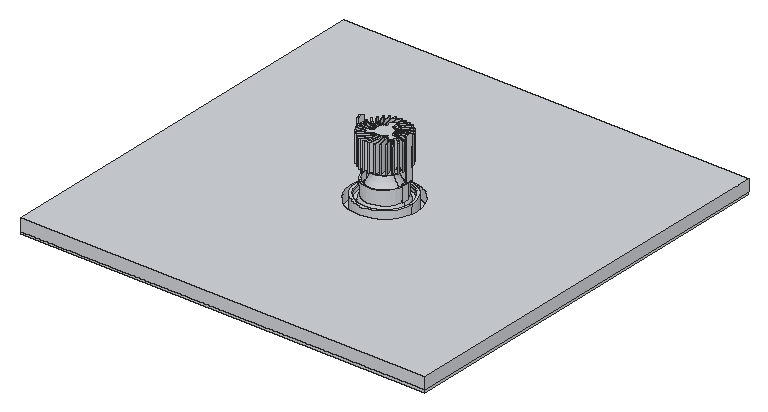
Revit family "Trimless-Quad-X86", category Lighting Fixtures, Revit 2014
Parameters (values of type "Trimless Ambiance X80")
  Wattage Comments = "19.5"
  Wattage = 8.3 W
  built-in parameter 1150110 = 1 (stored number, unit not read)
  Type Comments = "Recessed"
  Type = "Recessed Downlighter"
  built-in parameter 1114217 = 1 (stored number, unit not read)
  Tilt Angle = 90.00°
  built-in parameter 1150109 = 1 (stored number, unit not read)
  built-in parameter 1150134 = (empty or 0)
  built-in parameter 1150113 = 1 (stored number, unit not read)
  Photometric Web File = "G2064.ies"
  Dimension (mm) = "80"
  Model = "Trimless Ambiance X80"
  Manufacturer = "Designed Architectural Lighting"
  Luminous flux of luminaire (lm) = "Up to 2000 lumens"
  Lumens = 1049.95 lm
  built-in parameter 1150115 = 1 (stored number, unit not read)
  built-in parameter 1150105 = 83.552 (stored number, unit not read)
  built-in parameter 1150137 = (empty or 0)
  built-in parameter 1150139 = (empty or 0)
  built-in parameter 1150112 = 1 (stored number, unit not read)
  built-in parameter 1150114 = 1 (stored number, unit not read)
  Lamp = "LED"
  built-in parameter 1150132 = (empty or 0)
  built-in parameter 1150102 = (empty or 0)
  built-in parameter 1150138 = (empty or 0)
  built-in parameter 1150107 = 3000 (stored number, unit not read)
  built-in parameter 1150106 = 0.83552 (stored number, unit not read)
  Height (mm) = "122"
  built-in parameter 1150104 = 11.752 (stored number, unit not read)
  Dimming Lamp Color Temperature Shift = <None>
  Description = "Recessed LED Round downlighter"
  Cut Out (mm) = "100"
  Colour temperature (K) = "2700 / 3000 / 4000"
  Color Filter = 16777215
  CRI = "80"
  built-in parameter 1114218 = 1 (stored number, unit not read)
  built-in parameter 1150133 = 10 (stored number, unit not read)
  Apparent Load = 19.5 VA
  Aperture (mm) = "80"
Reference planes
  plane 1 "Light Source Axis (F/B)": y = 0
  plane 2: z = 0
  plane 3 "Light Source Axis (L/R)": x = 0
  plane 4 "Light Source Elevation": z = 0
Forms (mm)
  Extrusion 1, solid
    sketch origin (77.864, 0.393, 0) x (1, 0, 0) y (0, 1, 0)
      loop
        line (-42.842, 3.973) -> (-42.842, -5.043) -> (-40.957, -5.043) -> (-40.957, 3.973) -> (-42.842, 3.973)
    from 55.694 to 119.81
  Extrusion 2, void
    sketch origin (0, -0.168, 13.374) x (0, 1, 0) y (0, 0, 1)
      loop
        line (7.756, 98.378) -> (8.122, 100.419) -> (8.122, 107.291) -> (-7.99, 107.291) -> (-7.99, 100.73) -> (-7.36, 98.378)
        arc (-7.36, 98.378) -> (0.198, 105.935) -> (7.756, 98.378) r 7.558
    from 35.022 to 36.907
  Extrusion 3, solid
    sketch origin (-0.079, 0.393, 0) x (1, 0, 0) y (0, 1, 0)
      loop
        line (-36.649, 3.973) -> (-36.649, -5.043) -> (-34.712, -5.043) -> (-34.712, 3.973) -> (-36.649, 3.973)
    from 56.346 to 120.091
  Extrusion 4, void
    sketch origin (-76.006, -0.182, 13.227) x (0, 1, 0) y (0, 0, 1)
      loop
        line (7.756, 98.378) -> (8.122, 100.419) -> (8.122, 107.291) -> (-7.99, 107.291) -> (-7.99, 100.73) -> (-7.36, 98.378)
        arc (-7.36, 98.378) -> (0.198, 105.935) -> (7.756, 98.378) r 7.558
    from 39.278 to 41.215
  Extrusion 5, solid
    sketch origin (0, 0, 0) x (1, 0, 0) y (0, 1, 0)
      loop
        arc (-23.054, -24.619) -> (-23.449, -25.573) -> (-22.425, -25.708) r 0.651
        arc (-22.425, -25.708) -> (-12.521, -20.626) -> (-5.193, -12.245) r 29.606
        arc (-5.193, -12.245) -> (-4.029, -11.94) -> (-3.724, -13.104) r 0.851
        arc (-3.724, -13.104) -> (-8.953, -22.38) -> (-17.237, -29.071) r 28.332
        arc (-17.237, -29.071) -> (-17.407, -30.089) -> (-16.379, -29.991) r 0.651
        arc (-16.379, -29.991) -> (-7.872, -22.811) -> (-2.617, -12.996) r 29.606
        arc (-2.617, -12.996) -> (-1.551, -12.437) -> (-0.993, -13.503) r 0.851
        arc (-0.993, -13.503) -> (-4.123, -23.764) -> (-10.96, -32.031) r 27.343
        arc (-10.96, -32.031) -> (-10.932, -33.063) -> (-9.942, -32.771) r 0.651
        arc (-9.942, -32.771) -> (-2.961, -24.099) -> (0.324, -13.462) r 29.606
        arc (0.324, -13.462) -> (1.264, -12.71) -> (2.016, -13.65) r 0.851
        arc (2.016, -13.65) -> (1.011, -24.251) -> (-3.835, -33.732) r 28.332
        arc (-3.835, -33.732) -> (-3.576, -34.731) -> (-2.677, -34.224) r 0.651
        arc (-2.677, -34.224) -> (2.174, -24.204) -> (2.983, -13.101) r 29.606
        arc (2.983, -13.101) -> (3.815, -12.151) -> (4.676, -13.075) r 0.851
        arc (4.676, -13.075) -> (5.797, -23.579) -> (2.901, -33.739) r 27.686
        arc (2.901, -33.739) -> (3.346, -34.67) -> (4.132, -34.001) r 0.651
        arc (4.132, -34.001) -> (6.982, -23.239) -> (5.657, -12.186) r 29.606
        arc (5.657, -12.186) -> (6.21, -11.117) -> (7.279, -11.669) r 0.851
        arc (7.279, -11.669) -> (10.673, -21.762) -> (10.102, -32.395) r 28.332
        arc (10.102, -32.395) -> (10.745, -33.202) -> (11.36, -32.373) r 0.651
        arc (11.36, -32.373) -> (11.717, -21.246) -> (7.939, -10.774) r 29.606
        arc (7.939, -10.774) -> (8.237, -9.608) -> (9.403, -9.906) r 0.851
        arc (9.403, -9.906) -> (14.933, -19.098) -> (16.502, -29.711) r 27.343
        arc (16.502, -29.711) -> (17.287, -30.381) -> (17.733, -29.45) r 0.651
        arc (17.733, -29.45) -> (15.96, -18.459) -> (10.253, -8.9) r 29.606
        arc (10.253, -8.9) -> (10.323, -7.699) -> (11.524, -7.769) r 0.851
        arc (11.524, -7.769) -> (18.73, -15.608) -> (22.534, -25.554) r 28.332
        arc (22.534, -25.554) -> (23.45, -26.03) -> (23.674, -25.023) r 0.651
        arc (23.674, -25.023) -> (21.99, -19.492) -> (19.264, -14.393) r 29.606
        arc (19.264, -14.393) -> (18.828, -13.308) -> (18.866, -12.14) r 2.842
        arc (18.866, -12.14) -> (20.152, -10.935) -> (21.773, -11.627) r 1.612
        arc (21.773, -11.627) -> (25.097, -15.634) -> (27.241, -20.378) r 19.467
        arc (27.241, -20.378) -> (28.01, -20.793) -> (28.425, -20.024) r 0.618
        arc (28.425, -20.024) -> (25.556, -14.094) -> (20.964, -9.369) r 20.638
        arc (20.964, -9.369) -> (21.204, -7.425) -> (23.09, -6.896) r 1.768
        line (23.09, -6.896) -> (24.215, -7.679)
        arc (24.215, -7.679) -> (27.81, -10.735) -> (30.754, -14.422) r 24.551
        arc (30.754, -14.422) -> (31.784, -14.502) -> (31.596, -13.487) r 0.651
        arc (31.596, -13.487) -> (23.702, -5.638) -> (13.467, -1.259) r 29.606
        arc (13.467, -1.259) -> (12.817, -0.246) -> (13.83, 0.404) r 0.851
        arc (13.83, 0.404) -> (24.268, -1.703) -> (33.191, -7.514) r 28.332
        arc (33.191, -7.514) -> (34.212, -7.361) -> (33.801, -6.414) r 0.651
        arc (33.801, -6.414) -> (24.343, -0.541) -> (13.385, 1.423) r 29.606
        arc (13.385, 1.423) -> (12.524, 2.264) -> (13.365, 3.125) r 0.851
        arc (13.365, 3.125) -> (21.816, 3.633) -> (30.017, 1.532) r 27.343
        arc (30.017, 1.532) -> (30.615, 1.082) -> (30.948, 0.41) r 1.622
        arc (30.948, 0.41) -> (31.563, -0.972) -> (32.651, -2.022) r 3.959
        line (32.651, -2.022) -> (34.277, -2.022)
        arc (34.277, -2.022) -> (34.804, -1.804) -> (35.022, -1.277) r 0.745
        line (35.022, -1.277) -> (35.022, 1.958)
        arc (35.022, 1.958) -> (34.927, 2.684) -> (34.277, 3.023) r 0.793
        line (34.277, 3.023) -> (29.488, 3.023)
        arc (29.488, 3.023) -> (21.3, 4.88) -> (12.92, 4.364) r 29.606
        arc (12.92, 4.364) -> (11.914, 5.026) -> (12.575, 6.031) r 0.851
        arc (12.575, 6.031) -> (22.968, 8.352) -> (33.483, 6.672) r 28.332
        arc (33.483, 6.672) -> (34.353, 7.228) -> (33.592, 7.926) r 0.651
        arc (33.592, 7.926) -> (22.564, 9.444) -> (11.754, 6.781) r 29.606
        arc (11.754, 6.781) -> (10.594, 7.279) -> (11.206, 8.383) r 0.851
        arc (11.206, 8.383) -> (20.85, 12.695) -> (31.408, 13.081) r 27.686
        arc (31.408, 13.081) -> (32.156, 13.792) -> (31.276, 14.332) r 0.651
        arc (31.276, 14.332) -> (20.16, 13.718) -> (10.058, 9.042) r 29.606
        arc (10.058, 9.042) -> (8.87, 9.237) -> (9.065, 10.425) r 0.851
        arc (9.065, 10.425) -> (17.615, 16.772) -> (27.904, 19.514) r 28.332
        arc (27.904, 19.514) -> (28.473, 20.376) -> (27.495, 20.704) r 0.651
        arc (27.495, 20.704) -> (16.802, 17.605) -> (8.01, 10.776) r 29.606
        arc (8.01, 10.776) -> (6.809, 10.699) -> (6.732, 11.9) r 0.851
        arc (6.732, 11.9) -> (13.765, 20) -> (23.374, 24.772) r 27.343
        arc (23.374, 24.772) -> (23.768, 25.726) -> (22.745, 25.861) r 0.651
        arc (22.745, 25.861) -> (12.84, 20.779) -> (5.513, 12.398) r 29.606
        arc (5.513, 12.398) -> (4.348, 12.093) -> (4.044, 13.257) r 0.851
        arc (4.044, 13.257) -> (9.273, 22.533) -> (17.557, 29.224) r 28.332
        arc (17.557, 29.224) -> (17.726, 30.242) -> (16.699, 30.144) r 0.651
        arc (16.699, 30.144) -> (8.191, 22.964) -> (2.937, 13.149) r 29.606
        arc (2.937, 13.149) -> (1.871, 12.59) -> (1.312, 13.656) r 0.851
        arc (1.312, 13.656) -> (4.65, 23.619) -> (11.279, 31.771) r 29.395
        arc (11.279, 31.771) -> (11.158, 32.61) -> (10.311, 32.583) r 0.636
        arc (10.311, 32.583) -> (6.387, 28.179) -> (3.235, 23.193) r 35.963
        arc (3.235, 23.193) -> (2.121, 22.453) -> (0.792, 22.304) r 2.848
        arc (0.792, 22.304) -> (-0.123, 22.867) -> (-0.302, 23.927) r 1.3
        arc (-0.302, 23.927) -> (1.545, 28.889) -> (4.318, 33.4) r 27.242
        arc (4.318, 33.4) -> (4.201, 34.244) -> (3.357, 34.128) r 0.603
        arc (3.357, 34.128) -> (0.49, 29.464) -> (-1.42, 24.333) r 28.167
        arc (-1.42, 24.333) -> (-2.137, 22.603) -> (-3.867, 21.887) r 2.447
        arc (-3.867, 21.887) -> (-4.886, 22.309) -> (-5.308, 23.328) r 1.441
        arc (-5.308, 23.328) -> (-4.318, 28.647) -> (-2.339, 33.683) r 28.47
        arc (-2.339, 33.683) -> (-2.784, 34.615) -> (-3.569, 33.945) r 0.651
        arc (-3.569, 33.945) -> (-6.42, 23.183) -> (-5.095, 12.13) r 29.606
        arc (-5.095, 12.13) -> (-5.647, 11.061) -> (-6.716, 11.613) r 0.851
        arc (-6.716, 11.613) -> (-10.111, 21.706) -> (-9.54, 32.339) r 28.332
        arc (-9.54, 32.339) -> (-10.183, 33.147) -> (-10.797, 32.317) r 0.651
        arc (-10.797, 32.317) -> (-11.154, 21.19) -> (-7.376, 10.719) r 29.606
        arc (-7.376, 10.719) -> (-7.674, 9.553) -> (-8.84, 9.85) r 0.851
        arc (-8.84, 9.85) -> (-14.371, 19.043) -> (-15.94, 29.655) r 27.343
        arc (-15.94, 29.655) -> (-16.725, 30.325) -> (-17.17, 29.394) r 0.651
        arc (-17.17, 29.394) -> (-15.397, 18.403) -> (-9.691, 8.845) r 29.606
        arc (-9.691, 8.845) -> (-9.761, 7.643) -> (-10.962, 7.713) r 0.851
        arc (-10.962, 7.713) -> (-18.168, 15.553) -> (-21.971, 25.499) r 28.332
        arc (-21.971, 25.499) -> (-22.887, 25.975) -> (-23.111, 24.967) r 0.651
        arc (-23.111, 24.967) -> (-18.912, 14.657) -> (-11.201, 6.627) r 29.606
        arc (-11.201, 6.627) -> (-11.052, 5.373) -> (-12.315, 5.351) r 0.851
        arc (-12.315, 5.351) -> (-20.871, 11.547) -> (-26.484, 20.497) r 27.686
        arc (-26.484, 20.497) -> (-27.474, 20.79) -> (-27.502, 19.758) r 0.651
        arc (-27.502, 19.758) -> (-21.412, 10.439) -> (-12.311, 4.027) r 29.606
        arc (-12.311, 4.027) -> (-11.886, 2.901) -> (-13.012, 2.476) r 0.851
        arc (-13.012, 2.476) -> (-22.784, 6.707) -> (-30.303, 14.247) r 28.332
        arc (-30.303, 14.247) -> (-31.334, 14.309) -> (-31.129, 13.297) r 0.651
        arc (-31.129, 13.297) -> (-23.099, 5.587) -> (-12.789, 1.387) r 29.606
        arc (-12.789, 1.387) -> (-12.121, 0.385) -> (-13.123, -0.282) r 0.851
        arc (-13.123, -0.282) -> (-23.655, 1.759) -> (-32.591, 7.695) r 27.343
        arc (-32.591, 7.695) -> (-33.615, 7.559) -> (-33.22, 6.605) r 0.651
        arc (-33.22, 6.605) -> (-23.867, 0.568) -> (-12.945, -1.587) r 29.606
        arc (-12.945, -1.587) -> (-12.099, -2.443) -> (-12.954, -3.289) r 0.851
        arc (-12.954, -3.289) -> (-21.539, -3.693) -> (-29.851, -1.504) r 28.332
        arc (-29.851, -1.504) -> (-30.594, -0.781) -> (-30.67, 0.253) r 1.463
        arc (-30.67, 0.253) -> (-31.117, 1.332) -> (-32.196, 1.779) r 1.525
        line (-32.196, 1.779) -> (-34.016, 1.779)
        arc (-34.016, 1.779) -> (-34.564, 1.552) -> (-34.791, 1.004) r 0.775
        line (-34.791, 1.004) -> (-34.791, -2.388)
        arc (-34.791, -2.388) -> (-34.162, -2.907) -> (-33.359, -3.056) r 1.627
        line (-33.359, -3.056) -> (-28.629, -3.236)
        arc (-28.629, -3.236) -> (-20.536, -4.864) -> (-12.307, -4.193) r 29.606
        arc (-12.307, -4.193) -> (-11.29, -4.837) -> (-11.934, -5.854) r 0.851
        arc (-11.934, -5.854) -> (-22.215, -8.021) -> (-32.622, -6.576) r 30.549
        arc (-32.622, -6.576) -> (-33.575, -6.5) -> (-33.499, -7.453) r 0.628
        arc (-33.499, -7.453) -> (-27.146, -8.863) -> (-20.641, -9.032) r 33.883
        arc (-20.641, -9.032) -> (-19.635, -9.847) -> (-19.214, -11.07) r 2.349
        arc (-19.214, -11.07) -> (-19.594, -12.175) -> (-20.635, -12.706) r 1.559
        arc (-20.635, -12.706) -> (-25.604, -13.434) -> (-30.622, -13.229) r 27.016
        arc (-30.622, -13.229) -> (-31.353, -13.549) -> (-31.404, -14.346) r 0.767
        arc (-31.404, -14.346) -> (-25.434, -14.462) -> (-19.522, -13.62) r 37.102
        arc (-19.522, -13.62) -> (-18.249, -13.59) -> (-17.063, -14.054) r 3.232
        arc (-17.063, -14.054) -> (-16.4, -15.5) -> (-17.436, -16.707) r 1.475
        arc (-17.436, -16.707) -> (-22.297, -18.593) -> (-27.474, -19.21) r 20.786
        arc (-27.474, -19.21) -> (-28.202, -19.938) -> (-27.474, -20.666) r 0.728
        arc (-27.474, -20.666) -> (-16.753, -17.656) -> (-7.78, -11.061) r 31.094
        arc (-7.78, -11.061) -> (-6.676, -10.643) -> (-6.287, -11.757) r 0.824
        arc (-6.287, -11.757) -> (-13.398, -19.848) -> (-23.054, -24.619) r 27.732
    from 71.629 to 111
  Revolve 6, solid
    sketch origin (0, 0, 0) x (1, 0, 0) y (0, 0, 1)
      loop
        line (24.699, 71.724) -> (0, 71.724) -> (0, 66.151) -> (24.699, 66.151) -> (24.699, 71.724)
      axis (0, 71.724) -> (0, 66.151)
    angle from 0 to 360
  Revolve 7, solid
    sketch origin (0, 0, 0) x (1, 0, 0) y (0, 0, 1)
      loop
        line (24.711, 39.491) -> (23.561, 39.491)
        arc (23.561, 39.491) -> (17.427, 51.093) -> (13.342, 63.564) r 77.382
        line (13.342, 63.564) -> (21.367, 63.564) -> (21.367, 66.151) -> (10.9, 66.151)
        arc (10.9, 66.151) -> (15.108, 51.178) -> (22.481, 37.484) r 70.842
        line (22.481, 37.484) -> (24.711, 37.484) -> (24.711, 39.491)
      axis (0, 66.151) -> (0, 37.484)
    angle from 0 to 360
  Revolve 8, solid
    sketch origin (0, 0, 0) x (1, 0, 0) y (0, 0, 1)
      loop
        line (27.801, 47.998) -> (27.801, 37.394) -> (22.801, 37.394)
        arc (22.801, 37.394) -> (31.225, 19.226) -> (37.785, 0.306) r 199.516
        line (37.785, 0.306) -> (38.645, 0.306) -> (38.645, 18.046) -> (36.699, 18.046) -> (36.699, 20.348) -> (32.101, 20.348) -> (29.129, 27.35) -> (29.489, 47.998) -> (27.801, 47.998)
      axis (0, 47.998) -> (0, 0.306)
    angle from 0 to 360
  Revolve 9, solid
    sketch origin (0, 0, 0) x (1, 0, 0) y (0, 0, 1)
      loop
        line (38.75, 0.411) -> (39.647, 1.308) -> (39.647, 3.197) -> (48.993, 3.197) -> (48.993, 5.337) -> (41.236, 5.337) -> (41.236, 27.321) -> (37.686, 27.321) -> (37.686, 25.375) -> (38.75, 25.375) -> (38.75, 0.411)
      axis (0, 0.411) -> (0, 27.321)
    angle from 0 to 360
  Extrusion 10, solid
    sketch origin (5.269, 0.393, -28.097) x (1, 0, 0) y (0, 1, 0)
      loop
        line (-36.649, 3.973) -> (-36.649, -5.043) -> (-34.712, -5.043) -> (-34.712, 3.973) -> (-36.649, 3.973)
    from 56.346 to 79.096
  Extrusion 11, solid
    sketch origin (66.024, 0.393, -28.097) x (1, 0, 0) y (0, 1, 0)
      loop
        line (-36.649, 3.973) -> (-36.649, -5.043) -> (-34.712, -5.043) -> (-34.712, 3.973) -> (-36.649, 3.973)
    from 56.346 to 79.096
  Extrusion 12, solid
    sketch origin (38.157, 0.393, 28.048) x (0.743145, 0, 0.669131) y (0, 1, 0)
      loop
        line (-36.649, 3.973) -> (-36.649, -5.043) -> (-34.712, -5.043) -> (-34.712, 3.973) -> (-36.649, 3.973)
    from 62.082 to 71.137
  Extrusion 13, solid
    sketch origin (7.444, 0.393, -17.336) x (0.669131, 0, -0.743145) y (0, 1, 0)
      loop
        line (-36.649, 3.973) -> (-36.649, -5.043) -> (-34.712, -5.043) -> (-34.712, 3.973) -> (-36.649, 3.973)
    from 62.082 to 71.137
  Extrusion 14, solid
    sketch origin (-39.141, -66.34, 0) x (1, 0, 0) y (0, 1, 0)
      loop
        line (-261.085, 366.181) -> (-261.085, -233.819) -> (338.915, -233.819) -> (338.915, 366.181) -> (-261.085, 366.181)
      loop
        circle (38.915, 66.181) r 39
    from 0 to 3.197
  Extrusion 15, solid
    sketch origin (-38.915, -66.34, 0) x (1, 0, 0) y (0, 1, 0)
      loop
        line (-261.085, 366.181) -> (-261.085, -233.819) -> (338.915, -233.819) -> (338.915, 366.181) -> (-261.085, 366.181)
      loop
        circle (38.915, 66.181) r 50
    from 3.197 to 21.197
Cuts and joins
  Extrusion 2, Extrusion 4 cuts Extrusion 1
  Extrusion 4 cuts Extrusion 3
Dimensions and locks
  aligned and locked: plane 3 "Light Source Axis (L/R)" to imposter light
  aligned and locked: plane 1 "Light Source Axis (F/B)" to imposter light
  aligned and locked: plane 4 "Light Source Elevation" to imposter light
  aligned and locked: level to plane 2
